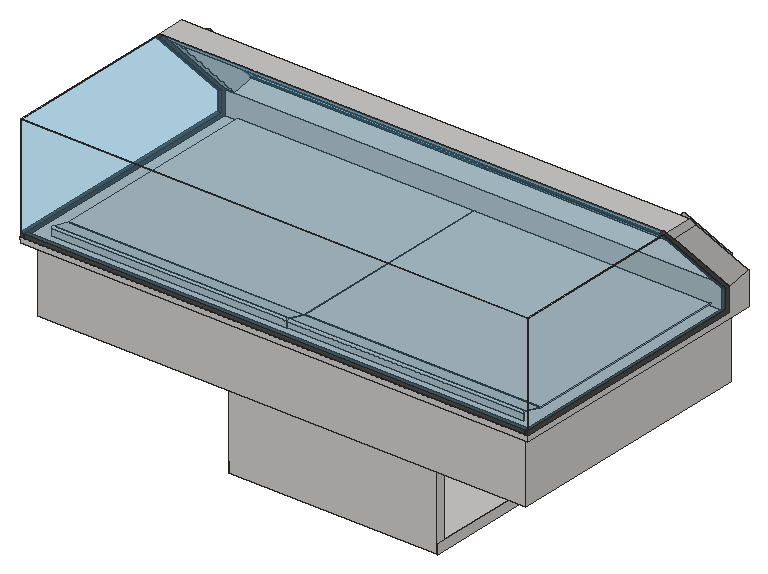
Revit family "QF_FESTIVE_ACDL15", category Specialty Equipment, Revit 2020
Family settings
  Round Connector Dimension = Use Diameter
  Part Type = Normal
  Work Plane-Based = No
  Always vertical = Yes
  Cut with Voids When Loaded = No
  Shared = No
  Room Calculation Point = No
Parameters (values of type "ACDL15")
  Weight in Pounds = 0
  Watts = if(Phase = 3, Volts * FL Amps * 1.73, Volts * FL Amps)  # 1078 W
  Volts = 220 V
  URL Cutsheet = ""
  Specification by User = ""
  Specification by Manufacturer = ""
  Serial Number = ""
  Seismic Rating = ""
  SMACNA No = ""
  Revision Code = ""
  Phase = 1
  Number of Poles = 1
  NAFEM Spec ID Number = ""
  Model = "ACDL15"
  Min Ckt Ampacity = 0 A
  Max Overcurrent Protection = 0 A
  Masterspec = ""
  Manufacturer = "FESTIVE"
  Length = 1530 mm
  Item Number = ""
  Installed By = ""
  Identify Quantity as Lot = yes
  Height = 335 mm
  HP = ""
  Glass 2 = Length > 1769 mm  # no
  Glass 1 = Length < 1769 mm  # yes
  Furnished By = ""
  Foodservice Equipment Identifier = yes
  FL Amps = 4.9 A
  Electrical Remarks = ""
  Electric Connection Type = ""
  Elec Conn RI Height = 0 mm
  Elec Conn Connection Height = 0 mm
  Description = "AVON LO: CHILLED DROP-IN"
  Depth = 830 mm
  Default Elevation = 0 mm
  Cycle = 50 Hz
  Cradle 2 [instance] = Length > 901 mm  # yes
  Cradle 1 = Length < 901 mm  # no
  Conn Plug = ""
  Conn Conduit = yes
  Center Post = Length > 1769 mm  # no
  CSI MasterFormat = ""
  Apparent Power = if(Phase = 3, Volts * FL Amps * 1.73, Volts * FL Amps)  # 1078 VA
Reference planes
  plane 1 "BACK": y = 0
  plane 2: z = 0
  plane 3 "LEFT": x = 0
  plane 4 "RIGHT": x = 1530
  plane 5 "FRONT": y = -830
  plane 6 "TOP": z = 335
  plane 7 "Center Y": x = 765
  plane 8 "Center X": y = -415
  plane 9: z = 100
  plane 10: x = 1519
  plane 11: z = -520
  plane 12: z = -560
Forms (mm)
  Extrusion 1, solid, material "QF_Metal - Stainless - Satin", visible <- "Cradle 2", not visible
    sketch origin (900, -213.4, -387.009) x (0, 0, 1) y (1, 0, 0)
      loop
        line (387.009, -137.4) -> (27.009, -137.4) -> (27.009, -762.6) -> (387.009, -762.6) -> (387.009, -137.4)
      loop
        line (55, -734.4) -> (365.009, -734.4) -> (365.009, -164.4) -> (55, -164.4) -> (55, -734.4)
    from 0 to -2
  Extrusion 2, solid, material "QF_Metal - Stainless - Satin", visible <- "Cradle 2", not visible
    sketch origin (141.4, 0, 0) x (0, 1, 0) y (0, 0, 1)
      loop
        line (-215.4, 0) -> (-240, 0) -> (-240, -360) -> (-215.4, -360) -> (-215.4, 0)
    from -4 to -1.6
  Extrusion 3, solid, material "QF_Metal - Stainless - Satin", visible <- "Cradle 2", not visible
    sketch origin (900, 0, 0) x (0, -1, 0) y (0, 0, 1)
      loop
        line (215.4, 0) -> (215.4, -360) -> (240, -360) -> (240, 0) -> (215.4, 0)
    from 139.796 to 137.4
  Extrusion 4, solid, material "QF_Metal - Stainless - Satin", visible <- "Cradle 2", not visible
    sketch origin (0, 0, 0) x (0, 1, 0) y (0, 0, 1)
      loop
        line (-52, 0) -> (-213.4, 0) -> (-213.4, -122) -> (-52, -122) -> (-52, 0)
    from 239 to 660
  Extrusion 5, solid, material "QF_Metal - Stainless - Satin", visible <- "Cradle 2", not visible
    sketch origin (0, -50.8, 53.113) x (0, 0, -1) y (-1, 0, 0)
      loop
        line (55.113, -660) -> (175.113, -660) -> (175.113, -239) -> (55.113, -239) -> (55.113, -660)
    from 0 to 2
  Extrusion 6, solid, material "QF_Plastic - Black - Smooth", visible <- "Cradle 2", not visible
    sketch origin (14, -48.8, 53.113) x (0, 0, -1) y (-1, 0, 0)
      loop
        line (147.213, -308.95) -> (147.213, -294.95) -> (115.213, -294.95) -> (115.213, -308.95) -> (147.213, -308.95)
      loop
        line (147.213, -278.75) -> (147.213, -264.75) -> (115.213, -264.75) -> (115.213, -278.75) -> (147.213, -278.75)
      loop
        line (145.213, -306.95) -> (145.213, -296.95) -> (117.213, -296.95) -> (117.213, -306.95) -> (145.213, -306.95)
      loop
        line (145.213, -276.75) -> (145.213, -266.75) -> (117.213, -266.75) -> (117.213, -276.75) -> (145.213, -276.75)
      loop
        arc (112.863, -404.2) -> (131.113, -408.012) -> (149.363, -404.2) r 45.59
        line (149.363, -404.2) -> (149.363, -330.2)
        arc (149.363, -330.2) -> (131.113, -326.725) -> (112.863, -330.2) r 49.66
        line (112.863, -330.2) -> (112.863, -404.2)
    from 0 to 3
  Extrusion 7, solid, material "QF_Plastic - Red - Smooth", visible <- "Cradle 2", not visible
    sketch origin (290.75, -48.8, -92.1) x (0, 0, 1) y (0, 1, 0)
      loop
        line (0, 7.232) -> (0, 0) -> (28, 0) -> (28, 4.784)
        arc (28, 4.784) -> (13.954, 5.478) -> (0, 7.232) r 185.903
    from 0 to 10
  Extrusion 8, solid, material "QF_Plastic - Red - Smooth", visible <- "Cradle 2", not visible
    sketch origin (290.75, -48.8, -92.1) x (0, 0, 1) y (0, 1, 0)
      loop
        line (0, 7.232) -> (0, 0) -> (28, 0) -> (28, 4.784)
        arc (28, 4.784) -> (13.954, 5.478) -> (0, 7.232) r 185.903
    from -30.2 to -20.2
  Extrusion 9, solid, material "QF_Metal - Stainless - Satin", visible <- "Cradle 2", not visible
    sketch origin (0, -1.8, 0) x (0, 1, 0) y (0, 0, 1)
      loop
        line (-570, 0) -> (-596.6, 0) -> (-596.6, -360) -> (-570, -360) -> (-570, 0)
    from 137.4 to 762.6
  Extrusion 10, void, not visible
    sketch origin (137.4, 0, 0) x (0, 1, 0) y (0, 0, 1)
      loop
        circle (-289.925, -281.443) r 8.149
    from 0 to 3.2
  Extrusion 11, solid, material "QF_Metal - Stainless - Satin"
    sketch origin (0, 0, -200) x (0, 1, 0) y (0, 0, 1)
      loop
        line (0, 200) -> (0, 300) -> (-75.2, 287.871) -> (-75.2, 217) -> (-830, 217) -> (-830, 200) -> (0, 200)
    from 0 to 1530
  Extrusion 12, solid, material "QF_Plastic - Black - Smooth"
    sketch origin (0, 0, -200) x (0, 1, 0) y (0, 0, 1)
      loop
        line (-830, 217) -> (-818, 217) -> (-818, 229) -> (-830, 229) -> (-830, 217)
    from 11 to 1519
  Extrusion 13, solid, material "QF_Metal - Stainless - Satin"
    sketch origin (900, 0, -200) x (0, 1, 0) y (0, 0, -1)
      loop
        line (-715.062, -224.6) -> (-75.2, -224.6) -> (-75.2, -223.6) -> (-715.33, -223.6) -> (-715.062, -224.6)
      loop
        line (-780, -217) -> (-780, -235.604)
        arc (-780, -235.604) -> (-778.032, -239.534) -> (-773.706, -240.312) r 4.908
        line (-773.706, -240.312) -> (-773.965, -239.347)
        arc (-773.965, -239.347) -> (-777.439, -238.63) -> (-779, -235.445) r 4.03
        line (-779, -235.445) -> (-779, -217) -> (-780, -217)
    from -576 to 133
  Extrusion 14, solid, material "Glass"
    sketch origin (0, 0, -200) x (0, -1, 0) y (0, 0, 1)
      loop
        line (828, 533) -> (303.463, 533) -> (301.574, 531) -> (826, 531) -> (826, 217) -> (828, 217) -> (828, 533)
    from 0 to -1530
  Extrusion 15, solid, material "QF_Metal - Stainless - Satin"
    sketch origin (449, -425, -200) x (1, 0, 0) y (0, 1, 0)
      loop
        line (-419, -375) -> (1051, -375) -> (1051, 395) -> (-419, 395) -> (-419, -375)
    from 0 to -200
  Extrusion 16, solid, material "QF_Metal - Stainless - Satin"
    sketch origin (0, 65.025, -271.149) x (0, 0.985557, 0.169345) y (0, -0.169345, 0.985557)
      loop
        line (-76.81, 381.021) -> (-77.401, 377.581) -> (-1.233, 376.8) -> (-159.726, 615.174) -> (-241.884, 629.29) -> (-76.81, 381.021)
    from 0 to 40
  Extrusion 17, solid, material "QF_Metal - Stainless - Satin"
    sketch origin (40, 65.025, -271.149) x (0, 0.985557, 0.169345) y (0, -0.169345, 0.985557)
      loop
        line (-159.726, 615.174) -> (-180.222, 645.999) -> (-262.379, 660.116) -> (-241.884, 629.29) -> (-159.726, 615.174)
    from -40 to 1490
  Extrusion 18, solid, material "QF_Metal - Stainless - Satin"
    sketch origin (0, 0, -188) x (0, 1, 0) y (0, 0, 1)
      loop
        line (-780, 205) -> (-779, 205) -> (-779, 223.445)
        arc (-779, 223.445) -> (-777.439, 226.63) -> (-773.965, 227.347) r 4.03
        line (-773.965, 227.347) -> (-773.706, 228.312)
        arc (-773.706, 228.312) -> (-778.032, 227.534) -> (-780, 223.604) r 4.908
        line (-780, 223.604) -> (-780, 205)
      loop
        line (-715.062, 212.6) -> (-715.33, 211.6) -> (-75.2, 211.6) -> (-75.2, 212.6) -> (-715.062, 212.6)
    from 54 to 763
  Extrusion 19, solid, material "QF_Metal - Stainless - Satin"
    sketch origin (0, -79.381, -365.812) x (1, 0, 0) y (0, 0.965932, -0.258796)
      loop
        line (763, -715.062) -> (54, -715.062) -> (54, -773.706) -> (763, -773.706) -> (763, -715.062)
      loop
        line (767, -715.062) -> (767, -773.706) -> (1476, -773.706) -> (1476, -715.062) -> (767, -715.062)
    from 211.6 to 212.6
  Extrusion 20, solid, material "QF_Metal - Stainless - Satin"
    sketch origin (40, -216.994, 329.71) x (0, -0.6867, 0.726941) y (1, 0, 0)
      loop
        line (-300.996, 0) -> (-300.996, 1450) -> (-315.996, 1450) -> (-315.996, 0) -> (-300.996, 0)
    from 0 to -5
  Extrusion 21, solid, material "QF_Plastic - Black - Smooth"
    sketch origin (0, 0, -200) x (0, 1, 0) y (0, 0, 1)
      loop
        line (-86, 287.066) -> (-86, 229) -> (-830, 229) -> (-830, 217) -> (-75.2, 217) -> (-75.2, 291.361) -> (-303.463, 533) -> (-318.32, 533) -> (-86, 287.066)
    from 0 to 11
  Extrusion 22, solid, material "QF_Metal - Stainless - Satin"
    sketch origin (0, 65.025, -271.149) x (0, 0.985557, 0.169345) y (0, -0.169345, 0.985557)
      loop
        line (-76.81, 381.021) -> (-77.401, 377.581) -> (-1.233, 376.8) -> (-159.726, 615.174) -> (-241.884, 629.29) -> (-76.81, 381.021)
    from 0 to 40
  Extrusion 23, solid, material "QF_Plastic - Black - Smooth"
    sketch origin (1530, 0, 0) x (0, -1, 0) y (0, 0, 1)
      loop
        line (86, 87.066) -> (320.209, 335) -> (305.352, 335) -> (75.2, 91.361) -> (75.2, 17) -> (830, 17) -> (830, 29) -> (86, 29) -> (86, 87.066)
    from 0 to 11
  Extrusion 24, solid, material "QF_Metal - Stainless - Satin"
    sketch origin (1530, 0, 0) x (0, -1, 0) y (0, 0, 1)
      loop
        line (75.2, 91.361) -> (279.932, 308.09) -> (196.571, 308.09) -> (0, 100) -> (75.2, 87.871) -> (75.2, 91.361)
    from 0 to 40
  Extrusion 25, solid, material "QF_Metal - Stainless - Satin", visible <- "Cradle 2"
    sketch origin (1214.4, -222.5, -587.009) x (0, 0, 1) y (1, 0, 0)
      loop
        line (387.009, -137.4) -> (27.009, -137.4) -> (27.009, -762.6) -> (387.009, -762.6) -> (387.009, -137.4)
      loop
        line (55, -734.4) -> (365.009, -734.4) -> (365.009, -164.4) -> (55, -164.4) -> (55, -734.4)
    from 0 to -2
  Extrusion 26, solid, material "QF_Metal - Stainless - Satin", visible <- "Cradle 2"
    sketch origin (455.8, -9.1, -200) x (0, 1, 0) y (0, 0, 1)
      loop
        line (-215.4, 0) -> (-240, 0) -> (-240, -360) -> (-215.4, -360) -> (-215.4, 0)
    from -4 to -1.6
  Extrusion 27, solid, material "QF_Metal - Stainless - Satin", visible <- "Cradle 2"
    sketch origin (1214.4, -9.1, -200) x (0, -1, 0) y (0, 0, 1)
      loop
        line (215.4, 0) -> (215.4, -360) -> (240, -360) -> (240, 0) -> (215.4, 0)
    from 139.796 to 137.4
  Extrusion 28, solid, material "QF_Metal - Stainless - Satin", visible <- "Cradle 2"
    sketch origin (314.4, -9.1, -200) x (0, 1, 0) y (0, 0, 1)
      loop
        line (-52, 0) -> (-213.4, 0) -> (-213.4, -122) -> (-52, -122) -> (-52, 0)
    from 239 to 660
  Extrusion 29, solid, material "QF_Metal - Stainless - Satin", visible <- "Cradle 2"
    sketch origin (314.4, -59.9, -146.887) x (0, 0, -1) y (-1, 0, 0)
      loop
        line (55.113, -660) -> (175.113, -660) -> (175.113, -239) -> (55.113, -239) -> (55.113, -660)
    from 0 to 2
  Extrusion 30, solid, material "QF_Plastic - Black - Smooth", visible <- "Cradle 2"
    sketch origin (328.4, -57.9, -146.887) x (0, 0, -1) y (-1, 0, 0)
      loop
        line (147.213, -308.95) -> (147.213, -294.95) -> (115.213, -294.95) -> (115.213, -308.95) -> (147.213, -308.95)
      loop
        line (147.213, -278.75) -> (147.213, -264.75) -> (115.213, -264.75) -> (115.213, -278.75) -> (147.213, -278.75)
      loop
        line (145.213, -306.95) -> (145.213, -296.95) -> (117.213, -296.95) -> (117.213, -306.95) -> (145.213, -306.95)
      loop
        line (145.213, -276.75) -> (145.213, -266.75) -> (117.213, -266.75) -> (117.213, -276.75) -> (145.213, -276.75)
      loop
        arc (112.863, -404.2) -> (131.113, -408.012) -> (149.363, -404.2) r 45.59
        line (149.363, -404.2) -> (149.363, -330.2)
        arc (149.363, -330.2) -> (131.113, -326.725) -> (112.863, -330.2) r 49.66
        line (112.863, -330.2) -> (112.863, -404.2)
    from 0 to 3
  Extrusion 31, solid, material "QF_Plastic - Red - Smooth", visible <- "Cradle 2"
    sketch origin (605.15, -57.9, -292.1) x (0, 0, 1) y (0, 1, 0)
      loop
        line (0, 7.232) -> (0, 0) -> (28, 0) -> (28, 4.784)
        arc (28, 4.784) -> (13.954, 5.478) -> (0, 7.232) r 185.903
    from 0 to 10
  Extrusion 32, solid, material "QF_Plastic - Red - Smooth", visible <- "Cradle 2"
    sketch origin (605.15, -57.9, -292.1) x (0, 0, 1) y (0, 1, 0)
      loop
        line (0, 7.232) -> (0, 0) -> (28, 0) -> (28, 4.784)
        arc (28, 4.784) -> (13.954, 5.478) -> (0, 7.232) r 185.903
    from -30.2 to -20.2
  Extrusion 33, solid, material "QF_Metal - Stainless - Satin", visible <- "Cradle 2"
    sketch origin (314.4, -10.9, -200) x (0, 1, 0) y (0, 0, 1)
      loop
        line (-570, 0) -> (-596.6, 0) -> (-596.6, -360) -> (-570, -360) -> (-570, 0)
    from 137.4 to 762.6
  Extrusion 34, void
    sketch origin (451.8, -9.1, -200) x (0, 1, 0) y (0, 0, 1)
      loop
        circle (-289.925, -281.443) r 8.149
    from 0 to 3.2
  Extrusion 35, solid, material "QF_Metal - Stainless - Satin"
    sketch origin (325, -200.206, 304.657) x (0, -0.6867, 0.726941) y (1, 0, 0)
      loop
        line (0, -285) -> (0, -265) -> (-271.255, -265) -> (-271.255, -285) -> (0, -285)
    from 0 to 3.2
  Extrusion 36, solid, material "QF_Metal - Stainless - Satin"
    sketch origin (60, -13.935, 107.471) x (0, -0.6867, 0.726941) y (0, -0.726941, -0.6867)
      loop
        line (271.255, -3.2) -> (0, -3.2) -> (0, -8.2)
        arc (0, -8.2) -> (2.929, -15.271) -> (10, -18.2) r 10
        line (10, -18.2) -> (261.255, -18.2)
        arc (261.255, -18.2) -> (268.326, -15.271) -> (271.255, -8.2) r 10
        line (271.255, -8.2) -> (271.255, -3.2)
    from -9 to -11
  Extrusion 37, solid, material "QF_Metal - Stainless - Satin"
    sketch origin (875, -196.571, 308.09) x (0, -0.6867, 0.726941) y (1, 0, 0)
      loop
        line (0, 615) -> (-271.255, 615) -> (-271.255, 595) -> (0, 595) -> (0, 615)
    from 0 to 3.2
  Extrusion 38, solid, material "QF_Metal - Stainless - Satin"
    sketch origin (1470, -10.301, 110.904) x (0, -0.6867, 0.726941) y (0, 0.726941, 0.6867)
      loop
        line (271.255, 3.2) -> (271.255, 8.2)
        arc (271.255, 8.2) -> (268.326, 15.271) -> (261.255, 18.2) r 10
        line (261.255, 18.2) -> (10, 18.2)
        arc (10, 18.2) -> (2.929, 15.271) -> (0, 8.2) r 10
        line (0, 8.2) -> (0, 3.2) -> (271.255, 3.2)
    from -9 to -11
  Extrusion 39, solid, material "QF_Metal - Stainless - Satin", visible <- "Center Post"
    sketch origin (765, 175.397, 1219.2) x (0, 1, 0) y (0, 0, 1)
      loop
        line (-371.969, -911.11) -> (-470.186, -911.11) -> (-260.629, -1132.947) -> (-175.397, -1119.2) -> (-371.969, -911.11)
    from -20 to 20
  Extrusion 40, solid, material "QF_Metal - Stainless - Satin", visible <- "Cradle 2"
    sketch origin (314.4, -607.571, -560) x (1, 0, 0) y (0, -1, 0)
      loop
        line (762.6, -28.471) -> (137.4, -28.471) -> (137.4, -383.071) -> (762.6, -383.071) -> (762.6, -28.471)
    from 0 to -5
  Extrusion 41, solid, material "QF_Metal - Stainless - Satin", visible <- "Cradle 2"
    sketch origin (1214.4, -9.1, -160) x (0, -1, 0) y (0, 0, 1)
      loop
        line (213.4, -372.009) -> (213.4, -400) -> (598.4, -400) -> (598.4, -372.009) -> (213.4, -372.009)
    from 137.4 to 135
  Extrusion 42, solid, material "QF_Metal - Stainless - Satin", visible <- "Cradle 2"
    sketch origin (314.4, -9.1, -160) x (0, 1, 0) y (0, 0, 1)
      loop
        line (-213.4, -372.009) -> (-598.4, -372.009) -> (-598.4, -400) -> (-213.4, -400) -> (-213.4, -372.009)
    from 135 to 137.4
  Extrusion 43, solid, material "QF_Metal - Stainless - Satin", visible <- "Cradle 2", not visible
    sketch origin (0, -598.471, -360) x (1, 0, 0) y (0, -1, 0)
      loop
        line (762.6, -28.471) -> (137.4, -28.471) -> (137.4, -383.071) -> (762.6, -383.071) -> (762.6, -28.471)
    from 0 to -5
  Extrusion 44, solid, material "QF_Metal - Stainless - Satin", visible <- "Cradle 2", not visible
    sketch origin (900, 0, 40) x (0, -1, 0) y (0, 0, 1)
      loop
        line (213.4, -372.009) -> (213.4, -400) -> (598.4, -400) -> (598.4, -372.009) -> (213.4, -372.009)
    from 137.4 to 135
  Extrusion 45, solid, material "QF_Metal - Stainless - Satin", visible <- "Cradle 2", not visible
    sketch origin (0, 0, 40) x (0, 1, 0) y (0, 0, 1)
      loop
        line (-213.4, -372.009) -> (-598.4, -372.009) -> (-598.4, -400) -> (-213.4, -400) -> (-213.4, -372.009)
    from 135 to 137.4
  Extrusion 46, solid, material "QF_Metal - Stainless - Satin", visible <- "Cradle 1", not visible
    sketch origin (2199.4, -222.5, -587.009) x (0, 0, 1) y (1, 0, 0)
      loop
        line (387.009, -137.4) -> (67.009, -137.4) -> (67.009, -762.6) -> (387.009, -762.6) -> (387.009, -137.4)
      loop
        line (365.009, -734.4) -> (365.009, -164.4) -> (95, -164.4) -> (95, -734.4) -> (365.009, -734.4)
    from 0 to -2
  Extrusion 47, solid, material "QF_Metal - Stainless - Satin", visible <- "Cradle 1", not visible
    sketch origin (1440.8, -9.1, -200) x (0, 1, 0) y (0, 0, 1)
      loop
        line (-215.4, 0) -> (-240, 0) -> (-240, -320) -> (-215.4, -320) -> (-215.4, 0)
    from -4 to -1.6
  Extrusion 48, solid, material "QF_Metal - Stainless - Satin", visible <- "Cradle 1", not visible
    sketch origin (2199.4, -9.1, -200) x (0, -1, 0) y (0, 0, 1)
      loop
        line (215.4, 0) -> (215.4, -320) -> (240, -320) -> (240, 0) -> (215.4, 0)
    from 139.796 to 137.4
  Extrusion 49, solid, material "QF_Metal - Stainless - Satin", visible <- "Cradle 1", not visible
    sketch origin (1299.4, -9.1, -200) x (0, 1, 0) y (0, 0, 1)
      loop
        line (-52, 0) -> (-213.4, 0) -> (-213.4, -122) -> (-52, -122) -> (-52, 0)
    from 239 to 660
  Extrusion 50, solid, material "QF_Metal - Stainless - Satin", visible <- "Cradle 1", not visible
    sketch origin (1299.4, -59.9, -146.887) x (0, 0, -1) y (-1, 0, 0)
      loop
        line (55.113, -660) -> (175.113, -660) -> (175.113, -239) -> (55.113, -239) -> (55.113, -660)
    from 0 to 2
  Extrusion 51, solid, material "QF_Plastic - Black - Smooth", visible <- "Cradle 1", not visible
    sketch origin (1313.4, -57.9, -146.887) x (0, 0, -1) y (-1, 0, 0)
      loop
        line (147.213, -308.95) -> (147.213, -294.95) -> (115.213, -294.95) -> (115.213, -308.95) -> (147.213, -308.95)
      loop
        line (147.213, -278.75) -> (147.213, -264.75) -> (115.213, -264.75) -> (115.213, -278.75) -> (147.213, -278.75)
      loop
        line (145.213, -306.95) -> (145.213, -296.95) -> (117.213, -296.95) -> (117.213, -306.95) -> (145.213, -306.95)
      loop
        line (145.213, -276.75) -> (145.213, -266.75) -> (117.213, -266.75) -> (117.213, -276.75) -> (145.213, -276.75)
      loop
        arc (112.863, -404.2) -> (131.113, -408.012) -> (149.363, -404.2) r 45.59
        line (149.363, -404.2) -> (149.363, -330.2)
        arc (149.363, -330.2) -> (131.113, -326.725) -> (112.863, -330.2) r 49.66
        line (112.863, -330.2) -> (112.863, -404.2)
    from 0 to 3
  Extrusion 52, solid, material "QF_Plastic - Red - Smooth", visible <- "Cradle 1", not visible
    sketch origin (1590.15, -57.9, -292.1) x (0, 0, 1) y (0, 1, 0)
      loop
        line (0, 7.232) -> (0, 0) -> (28, 0) -> (28, 4.784)
        arc (28, 4.784) -> (13.954, 5.478) -> (0, 7.232) r 185.903
    from 0 to 10
  Extrusion 53, solid, material "QF_Plastic - Red - Smooth", visible <- "Cradle 1", not visible
    sketch origin (1590.15, -57.9, -292.1) x (0, 0, 1) y (0, 1, 0)
      loop
        line (0, 7.232) -> (0, 0) -> (28, 0) -> (28, 4.784)
        arc (28, 4.784) -> (13.954, 5.478) -> (0, 7.232) r 185.903
    from -30.2 to -20.2
  Extrusion 54, solid, material "QF_Metal - Stainless - Satin", visible <- "Cradle 1", not visible
    sketch origin (1299.4, -10.9, -200) x (0, 1, 0) y (0, 0, 1)
      loop
        line (-570, 0) -> (-596.6, 0) -> (-596.6, -320) -> (-570, -320) -> (-570, 0)
    from 137.4 to 762.6
  Extrusion 55, solid, material "QF_Metal - Stainless - Satin", visible <- "Cradle 1", not visible
    sketch origin (1299.4, -607.571, -520) x (1, 0, 0) y (0, -1, 0)
      loop
        line (762.6, -28.471) -> (137.4, -28.471) -> (137.4, -383.071) -> (762.6, -383.071) -> (762.6, -28.471)
    from 0 to -5
  Extrusion 56, solid, material "QF_Metal - Stainless - Satin", visible <- "Cradle 1", not visible
    sketch origin (2199.4, -9.1, -120) x (0, -1, 0) y (0, 0, 1)
      loop
        line (213.4, -372.009) -> (213.4, -400) -> (598.4, -400) -> (598.4, -372.009) -> (213.4, -372.009)
    from 137.4 to 135
  Extrusion 57, solid, material "QF_Metal - Stainless - Satin", visible <- "Cradle 1", not visible
    sketch origin (1299.4, -9.1, -120) x (0, 1, 0) y (0, 0, 1)
      loop
        line (-213.4, -372.009) -> (-598.4, -372.009) -> (-598.4, -400) -> (-213.4, -400) -> (-213.4, -372.009)
    from 135 to 137.4
  Extrusion 58, solid, material "QF_Metal - Stainless - Satin", visible <- "Cradle 1"
    sketch origin (1214.4, -222.5, -587.009) x (0, 0, 1) y (1, 0, 0)
      loop
        line (387.009, -137.4) -> (67.009, -137.4) -> (67.009, -762.6) -> (387.009, -762.6) -> (387.009, -137.4)
      loop
        line (365.009, -734.4) -> (365.009, -164.4) -> (95, -164.4) -> (95, -734.4) -> (365.009, -734.4)
    from 0 to -2
  Extrusion 59, solid, material "QF_Metal - Stainless - Satin", visible <- "Cradle 1"
    sketch origin (455.8, -9.1, -200) x (0, 1, 0) y (0, 0, 1)
      loop
        line (-215.4, 0) -> (-240, 0) -> (-240, -320) -> (-215.4, -320) -> (-215.4, 0)
    from -4 to -1.6
  Extrusion 60, solid, material "QF_Metal - Stainless - Satin", visible <- "Cradle 1"
    sketch origin (1214.4, -9.1, -200) x (0, -1, 0) y (0, 0, 1)
      loop
        line (215.4, 0) -> (215.4, -320) -> (240, -320) -> (240, 0) -> (215.4, 0)
    from 139.796 to 137.4
  Extrusion 61, solid, material "QF_Metal - Stainless - Satin", visible <- "Cradle 1"
    sketch origin (314.4, -9.1, -200) x (0, 1, 0) y (0, 0, 1)
      loop
        line (-52, 0) -> (-213.4, 0) -> (-213.4, -122) -> (-52, -122) -> (-52, 0)
    from 239 to 660
  Extrusion 62, solid, material "QF_Metal - Stainless - Satin", visible <- "Cradle 1"
    sketch origin (314.4, -59.9, -146.887) x (0, 0, -1) y (-1, 0, 0)
      loop
        line (55.113, -660) -> (175.113, -660) -> (175.113, -239) -> (55.113, -239) -> (55.113, -660)
    from 0 to 2
  Extrusion 63, solid, material "QF_Plastic - Black - Smooth", visible <- "Cradle 1"
    sketch origin (328.4, -57.9, -146.887) x (0, 0, -1) y (-1, 0, 0)
      loop
        line (147.213, -308.95) -> (147.213, -294.95) -> (115.213, -294.95) -> (115.213, -308.95) -> (147.213, -308.95)
      loop
        line (147.213, -278.75) -> (147.213, -264.75) -> (115.213, -264.75) -> (115.213, -278.75) -> (147.213, -278.75)
      loop
        line (145.213, -306.95) -> (145.213, -296.95) -> (117.213, -296.95) -> (117.213, -306.95) -> (145.213, -306.95)
      loop
        line (145.213, -276.75) -> (145.213, -266.75) -> (117.213, -266.75) -> (117.213, -276.75) -> (145.213, -276.75)
      loop
        arc (112.863, -404.2) -> (131.113, -408.012) -> (149.363, -404.2) r 45.59
        line (149.363, -404.2) -> (149.363, -330.2)
        arc (149.363, -330.2) -> (131.113, -326.725) -> (112.863, -330.2) r 49.66
        line (112.863, -330.2) -> (112.863, -404.2)
    from 0 to 3
  Extrusion 64, solid, material "QF_Plastic - Red - Smooth", visible <- "Cradle 1"
    sketch origin (605.15, -57.9, -292.1) x (0, 0, 1) y (0, 1, 0)
      loop
        line (0, 7.232) -> (0, 0) -> (28, 0) -> (28, 4.784)
        arc (28, 4.784) -> (13.954, 5.478) -> (0, 7.232) r 185.903
    from 0 to 10
  Extrusion 65, solid, material "QF_Plastic - Red - Smooth", visible <- "Cradle 1"
    sketch origin (605.15, -57.9, -292.1) x (0, 0, 1) y (0, 1, 0)
      loop
        line (0, 7.232) -> (0, 0) -> (28, 0) -> (28, 4.784)
        arc (28, 4.784) -> (13.954, 5.478) -> (0, 7.232) r 185.903
    from -30.2 to -20.2
  Extrusion 66, solid, material "QF_Metal - Stainless - Satin", visible <- "Cradle 1"
    sketch origin (314.4, -10.9, -200) x (0, 1, 0) y (0, 0, 1)
      loop
        line (-570, 0) -> (-596.6, 0) -> (-596.6, -320) -> (-570, -320) -> (-570, 0)
    from 137.4 to 762.6
  Extrusion 67, solid, material "QF_Metal - Stainless - Satin", visible <- "Cradle 1"
    sketch origin (314.4, -607.571, -520) x (1, 0, 0) y (0, -1, 0)
      loop
        line (762.6, -28.471) -> (137.4, -28.471) -> (137.4, -383.071) -> (762.6, -383.071) -> (762.6, -28.471)
    from 0 to -5
  Extrusion 68, solid, material "QF_Metal - Stainless - Satin", visible <- "Cradle 1"
    sketch origin (1214.4, -9.1, -120) x (0, -1, 0) y (0, 0, 1)
      loop
        line (213.4, -372.009) -> (213.4, -400) -> (598.4, -400) -> (598.4, -372.009) -> (213.4, -372.009)
    from 137.4 to 135
  Extrusion 69, solid, material "QF_Metal - Stainless - Satin", visible <- "Cradle 1"
    sketch origin (314.4, -9.1, -120) x (0, 1, 0) y (0, 0, 1)
      loop
        line (-213.4, -372.009) -> (-598.4, -372.009) -> (-598.4, -400) -> (-213.4, -400) -> (-213.4, -372.009)
    from 135 to 137.4
  Extrusion 70, solid, material "Glass"
    sketch origin (1530, 0, 0) x (0, -1, 0) y (0, 0, 1)
      loop
        line (318.32, 333) -> (86, 87.066) -> (86, 29) -> (828, 29) -> (828, 333) -> (318.32, 333)
    from 0 to 3
  Extrusion 71, solid, material "Glass"
    sketch origin (0, 0, -200) x (0, 1, 0) y (0, 0, 1)
      loop
        line (-318.32, 533) -> (-828, 533) -> (-828, 217) -> (-86, 217) -> (-86, 287.066) -> (-318.32, 533)
    from 0 to 3
  Extrusion 72, solid, material "Glass", visible <- "Glass 1"
    sketch origin (325, -196.571, 308.09) x (0, -0.6867, 0.726941) y (1, 0, 0)
      loop
        line (0, 440) -> (-271.255, 440) -> (-271.255, -285) -> (0, -285) -> (0, 440)
    from -5 to -10
  Extrusion 73, solid, material "Glass", visible <- "Glass 1"
    sketch origin (875, -196.571, 308.09) x (0, -0.6867, 0.726941) y (1, 0, 0)
      loop
        line (0, -110) -> (0, 615) -> (-271.255, 615) -> (-271.255, -110) -> (0, -110)
    from 0 to -5
  Extrusion 74, solid, material "Glass", visible <- "Glass 2"
    sketch origin (40, 65.025, -271.149) x (0, 0.985557, 0.169345) y (0, -0.169345, 0.985557)
      loop
        line (-13.702, 386.523) -> (-163.89, 612.405) -> (-168.054, 609.637) -> (-17.866, 383.755) -> (-13.702, 386.523)
    from 0 to 705
  Extrusion 75, solid, material "Glass", visible <- "Glass 2"
    sketch origin (1490, 0, 0) x (0, -1, 0) y (0, 0, 1)
      loop
        line (196.571, 308.09) -> (10.301, 110.904) -> (13.935, 107.471) -> (200.206, 304.657) -> (196.571, 308.09)
    from 0 to 705
Lines and regions (mm)
  Split face 1, not visible
    outline origin (14, -45.8, 53.113) x (0, 0, -1) y (-1, 0, 0)
      loop
        line (116.213, -355.957) -> (116.213, -395.454)
        arc (116.213, -395.454) -> (131.213, -398.842) -> (146.213, -395.454) r 34.9
        line (146.213, -395.454) -> (146.213, -355.957) -> (116.213, -355.957)
  Split face 2
    outline origin (328.4, -54.9, -146.887) x (0, 0, -1) y (-1, 0, 0)
      loop
        line (116.213, -355.957) -> (116.213, -395.454)
        arc (116.213, -395.454) -> (131.213, -398.842) -> (146.213, -395.454) r 34.9
        line (146.213, -395.454) -> (146.213, -355.957) -> (116.213, -355.957)
  Split face 3, not visible
    outline origin (1313.4, -54.9, -146.887) x (0, 0, -1) y (-1, 0, 0)
      loop
        line (116.213, -355.957) -> (116.213, -395.454)
        arc (116.213, -395.454) -> (131.213, -398.842) -> (146.213, -395.454) r 34.9
        line (146.213, -395.454) -> (146.213, -355.957) -> (116.213, -355.957)
  Split face 4
    outline origin (328.4, -54.9, -146.887) x (0, 0, -1) y (-1, 0, 0)
      loop
        line (116.213, -355.957) -> (116.213, -395.454)
        arc (116.213, -395.454) -> (131.213, -398.842) -> (146.213, -395.454) r 34.9
        line (146.213, -395.454) -> (146.213, -355.957) -> (116.213, -355.957)
  symbolic lines
    curve 1: line (54, -780, 0) -> (54, -305.352, 0)
    curve 2: line (54, -780, 0) -> (1476, -780, 0)
    curve 3: line (1476, -780, 0) -> (1476, -305.352, 0)
    curve 4: line (54, -715.33, 0) -> (763, -715.33, 0)
    curve 5: line (763, -780, 0) -> (763, -305.352, 0)
    curve 6: line (767, -780, 0) -> (767, -305.352, 0)
    curve 7: line (0, -305.352, 0) -> (1530, -305.352, 0)
    curve 8: line (0, -221.991, 0) -> (1530, -221.991, 0)
    curve 9: line (1530, -196.571, 0) -> (0, -196.571, 0)
    curve 10: line (0, 0, 0) -> (1530, 0, 0)
    curve 11: line (0, -830, 0) -> (0, 0, 0)
    curve 12: line (1530, -830, 0) -> (0, -830, 0)
    curve 13: line (1530, 0, 0) -> (1530, -830, 0)
    curve 14: line (1519, -305.352, 0) -> (1519, -830, 0)
    curve 15: line (11, -305.352, 0) -> (11, -830, 0)
    curve 16: line (40, -196.571, 0) -> (40, 0, 0)
    curve 17: line (1490, -196.571, 0) -> (1490, 0, 0)
    curve 18: line (40, -10.301, 0) -> (1490, -10.301, 0)
    curve 19: line (1476, -715.33, 0) -> (767, -715.33, 0)
    curve 20: line (60, -196.571, 0) -> (60, -10.301, 0)
    curve 21: line (755, -13.935, 0) -> (60, -13.935, 0)
    curve 22: line (755, -10.301, 0) -> (755, -196.571, 0)
    curve 23: line (1470, -10.301, 0) -> (1470, -196.571, 0)
Dimensions and locks
  equal spacing: plane 3 "LEFT", plane 7 "Center Y", plane 4 "RIGHT"
  "Length": plane 3 "LEFT" to plane 4 "RIGHT"
  equal spacing: plane 5 "FRONT", plane 8 "Center X", plane 1 "BACK"
  "Depth": plane 5 "FRONT" to plane 1 "BACK"
  "Height": plane 6 "TOP" to level
  plane 1 "BACK" to plane 5 "FRONT" = 830 mm
  plane 6 "TOP" to plane 9 to level to Extrusion 15 = 235 mm, 100 mm, 200 mm
  plane 1 "BACK" to Extrusion 15 = 30 mm
  Extrusion 15 to plane 5 "FRONT" = 30 mm
  Extrusion 25 to Extrusion 33 = 385 mm
  locked: plane 10 to plane 4 "RIGHT" at 11
  locked: Extrusion 29 to plane 7 "Center Y" at 209.4
  Extrusion 19 sketch curve to plane 7 "Center Y" to Extrusion 19 sketch curve = 2 mm locked, 2 mm locked
  Extrusion 13 to plane 7 "Center Y" to Extrusion 18 = 2 mm locked, 2 mm locked
  locked: Extrusion 13 to plane 4 "RIGHT" at 54
  Extrusion 15 to plane 11 = 320 mm
  Extrusion 15 to plane 12 = 360 mm
  Extrusion 66 to plane 7 "Center Y" to Extrusion 66 = 312 mm locked, 313.2 mm locked
  locked: plane 4 "RIGHT" to Extrusion 14
  plane 7 "Center Y" to Extrusion 73 = 0 mm
  plane 7 "Center Y" to Extrusion 72 = 0 mm
  Extrusion 37 sketch curve to Extrusion 37 sketch curve to plane 4 "RIGHT" = 20 mm locked, 40 mm locked
  aligned and locked: level to plane 2
  aligned and locked: Extrusion 11 to plane 4 "RIGHT"
  aligned and locked: Extrusion 17 to plane 4 "RIGHT"
  aligned and locked: plane 10 to Extrusion 12
  aligned and locked: curve 3 to Extrusion 19
  aligned and locked: Extrusion 14 to plane 4 "RIGHT"
  aligned and locked: plane 7 "Center Y" to Extrusion 72
  aligned and locked: Extrusion 73 to plane 7 "Center Y"
  aligned and locked: Extrusion 74 to Extrusion 39
  aligned and locked: Extrusion 75 to Extrusion 39
Automatic sketch dimensions
  Extrusion 2 sketch curve to Extrusion 2 sketch curve = 24.6 mm
  Extrusion 3 sketch curve to Extrusion 3 sketch curve = 24.6 mm
  Extrusion 4 sketch curve to Extrusion 4 sketch curve = 122 mm
  Extrusion 7 sketch curve to Extrusion 6 = 0 mm  (x3)
  Extrusion 6 to Extrusion 7 sketch curve = 2.15 mm
  Extrusion 7 sketch curve to Extrusion 6 = 1.784 mm
  Extrusion 7 sketch curve to Extrusion 6 = 4.232 mm
  Extrusion 8 sketch curve to Extrusion 6 = 0 mm  (x3)
  Extrusion 6 to Extrusion 8 sketch curve = 2.15 mm
  Extrusion 8 sketch curve to Extrusion 6 = 1.784 mm
  Extrusion 8 sketch curve to Extrusion 6 = 4.232 mm
  Extrusion 9 sketch curve to Extrusion 9 sketch curve = 26.6 mm
  Extrusion 5 sketch curve to Extrusion 5 sketch curve = 120 mm
  Extrusion 6 sketch curve to Extrusion 5 = 57.75 mm
  Extrusion 6 sketch curve to Extrusion 6 sketch curve = 2.35 mm
  Extrusion 6 sketch curve to Extrusion 6 sketch curve = 0 mm  (x3)
  Extrusion 6 sketch curve to Extrusion 6 sketch curve = 2 mm  (x8)
  Extrusion 6 sketch curve to Extrusion 6 sketch curve = 18.25 mm
  Extrusion 6 sketch curve to Extrusion 6 sketch curve = 28 mm
  Extrusion 6 sketch curve to Extrusion 6 sketch curve = 2.15 mm
  Extrusion 6 sketch curve to Extrusion 5 = 179.2 mm
  Extrusion 6 sketch curve to Extrusion 6 sketch curve = 27.816 mm
  Extrusion 6 sketch curve to Extrusion 6 sketch curve = 13.963 mm
  Extrusion 6 sketch curve to Extrusion 6 sketch curve = 32.222 mm
  Extrusion 6 sketch curve to Extrusion 6 sketch curve = 21.25 mm
  Extrusion 6 sketch curve to Extrusion 6 sketch curve = 10 mm  (x2)
  Extrusion 6 sketch curve to Extrusion 6 sketch curve = 16.2 mm
  Split face 1 sketch curve to Extrusion 6 = 1 mm  (x2)
  Extrusion 6 to Split face 1 sketch curve = 86.504 mm
  Split face 1 sketch curve to Split face 1 sketch curve = 31.512 mm
  Split face 1 sketch curve to Split face 1 sketch curve = 7.985 mm
  Split face 1 sketch curve to Split face 1 sketch curve = 15 mm
  Extrusion 10 sketch curve to Extrusion 2 = 49.925 mm
  Extrusion 2 to Extrusion 10 sketch curve = 78.557 mm
  Extrusion 2 sketch curve to Extrusion 2 sketch curve = 360 mm
  Extrusion 3 sketch curve to Extrusion 3 sketch curve = 360 mm
  Extrusion 4 sketch curve to Extrusion 4 sketch curve = 161.4 mm
  Extrusion 5 sketch curve to Extrusion 5 sketch curve = 421 mm
  Extrusion 9 sketch curve to Extrusion 9 sketch curve = 360 mm
  Extrusion 26 sketch curve to Extrusion 26 sketch curve = 24.6 mm
  Extrusion 27 sketch curve to Extrusion 27 sketch curve = 24.6 mm
  Extrusion 28 sketch curve to Extrusion 28 sketch curve = 122 mm
  Extrusion 31 sketch curve to Extrusion 30 = 0 mm  (x3)
  Extrusion 30 to Extrusion 31 sketch curve = 2.15 mm
  Extrusion 31 sketch curve to Extrusion 30 = 1.784 mm
  Extrusion 31 sketch curve to Extrusion 30 = 4.232 mm
  Extrusion 32 sketch curve to Extrusion 30 = 0 mm  (x3)
  Extrusion 30 to Extrusion 32 sketch curve = 2.15 mm
  Extrusion 32 sketch curve to Extrusion 30 = 1.784 mm
  Extrusion 32 sketch curve to Extrusion 30 = 4.232 mm
  Extrusion 33 sketch curve to Extrusion 33 sketch curve = 26.6 mm
  Extrusion 29 sketch curve to Extrusion 29 sketch curve = 120 mm
  Extrusion 30 sketch curve to Extrusion 29 = 57.75 mm
  Extrusion 30 sketch curve to Extrusion 30 sketch curve = 2.35 mm
  Extrusion 30 sketch curve to Extrusion 30 sketch curve = 0 mm  (x3)
  Extrusion 30 sketch curve to Extrusion 30 sketch curve = 2 mm  (x8)
  Extrusion 30 sketch curve to Extrusion 30 sketch curve = 18.25 mm
  Extrusion 30 sketch curve to Extrusion 30 sketch curve = 28 mm
  Extrusion 30 sketch curve to Extrusion 30 sketch curve = 2.15 mm
  Extrusion 30 sketch curve to Extrusion 29 = 179.2 mm
  Extrusion 30 sketch curve to Extrusion 30 sketch curve = 27.816 mm
  Extrusion 30 sketch curve to Extrusion 30 sketch curve = 13.963 mm
  Extrusion 30 sketch curve to Extrusion 30 sketch curve = 32.222 mm
  Extrusion 30 sketch curve to Extrusion 30 sketch curve = 21.25 mm
  Extrusion 30 sketch curve to Extrusion 30 sketch curve = 10 mm  (x2)
  Extrusion 30 sketch curve to Extrusion 30 sketch curve = 16.2 mm
  Split face 2 sketch curve to Extrusion 30 = 1 mm  (x2)
  Extrusion 30 to Split face 2 sketch curve = 86.504 mm
  Split face 2 sketch curve to Split face 2 sketch curve = 31.512 mm
  Split face 2 sketch curve to Split face 2 sketch curve = 7.985 mm
  Split face 2 sketch curve to Split face 2 sketch curve = 15 mm
  Extrusion 34 sketch curve to Extrusion 26 = 49.925 mm
  Extrusion 26 to Extrusion 34 sketch curve = 78.557 mm
  Extrusion 26 sketch curve to Extrusion 26 sketch curve = 360 mm
  Extrusion 27 sketch curve to Extrusion 27 sketch curve = 360 mm
  Extrusion 28 sketch curve to Extrusion 28 sketch curve = 161.4 mm
  Extrusion 29 sketch curve to Extrusion 29 sketch curve = 421 mm
  Extrusion 33 sketch curve to Extrusion 33 sketch curve = 360 mm
  Extrusion 40 sketch curve to Extrusion 40 sketch curve = 625.2 mm
  Extrusion 40 sketch curve to Extrusion 40 sketch curve = 354.6 mm
  Extrusion 25 sketch curve to Extrusion 25 sketch curve = 27.991 mm
  Extrusion 25 sketch curve to Extrusion 25 sketch curve = 310.009 mm
  Extrusion 25 sketch curve to Extrusion 25 sketch curve = 22 mm
  Extrusion 25 sketch curve to Extrusion 25 sketch curve = 28.2 mm
  Extrusion 25 sketch curve to Extrusion 25 sketch curve = 570 mm
  Extrusion 25 sketch curve to Extrusion 25 sketch curve = 27 mm
  Extrusion 41 sketch curve to Extrusion 41 sketch curve = 385 mm
  Extrusion 41 sketch curve to Extrusion 41 sketch curve = 27.991 mm
  Extrusion 42 sketch curve to Extrusion 42 sketch curve = 385 mm
  Extrusion 42 sketch curve to Extrusion 42 sketch curve = 27.991 mm
  Extrusion 1 sketch curve to Extrusion 1 sketch curve = 27.991 mm
  Extrusion 1 sketch curve to Extrusion 1 sketch curve = 310.009 mm
  Extrusion 1 sketch curve to Extrusion 1 sketch curve = 22 mm
  Extrusion 1 sketch curve to Extrusion 1 sketch curve = 28.2 mm
  Extrusion 1 sketch curve to Extrusion 1 sketch curve = 570 mm
  Extrusion 1 sketch curve to Extrusion 1 sketch curve = 27 mm
  Extrusion 47 sketch curve to Extrusion 47 sketch curve = 24.6 mm
  Extrusion 48 sketch curve to Extrusion 48 sketch curve = 24.6 mm
  Extrusion 49 sketch curve to Extrusion 49 sketch curve = 122 mm
  Extrusion 54 sketch curve to Extrusion 54 sketch curve = 26.6 mm
  Extrusion 46 sketch curve to Extrusion 46 sketch curve = 22 mm
  Extrusion 46 sketch curve to Extrusion 46 sketch curve = 28.2 mm
  Extrusion 46 sketch curve to Extrusion 46 sketch curve = 570 mm
  Extrusion 46 sketch curve to Extrusion 46 sketch curve = 27 mm
  Extrusion 50 sketch curve to Extrusion 50 sketch curve = 120 mm
  Extrusion 50 sketch curve to Extrusion 50 sketch curve = 421 mm
  Extrusion 51 sketch curve to Extrusion 50 = 57.75 mm
  Extrusion 51 sketch curve to Extrusion 51 sketch curve = 2.35 mm
  Extrusion 51 sketch curve to Extrusion 51 sketch curve = 0 mm  (x3)
  Extrusion 51 sketch curve to Extrusion 51 sketch curve = 2 mm  (x8)
  Extrusion 51 sketch curve to Extrusion 51 sketch curve = 18.25 mm
  Extrusion 51 sketch curve to Extrusion 51 sketch curve = 28 mm
  Extrusion 51 sketch curve to Extrusion 51 sketch curve = 2.15 mm
  Extrusion 51 sketch curve to Extrusion 50 = 179.2 mm
  Extrusion 51 sketch curve to Extrusion 51 sketch curve = 27.816 mm
  Extrusion 51 sketch curve to Extrusion 51 sketch curve = 13.963 mm
  Extrusion 51 sketch curve to Extrusion 51 sketch curve = 32.222 mm
  Extrusion 51 sketch curve to Extrusion 51 sketch curve = 21.25 mm
  Extrusion 51 sketch curve to Extrusion 51 sketch curve = 10 mm  (x2)
  Extrusion 51 sketch curve to Extrusion 51 sketch curve = 16.2 mm
  Extrusion 52 sketch curve to Extrusion 51 = 0 mm  (x3)
  Extrusion 51 to Extrusion 52 sketch curve = 2.15 mm
  Extrusion 52 sketch curve to Extrusion 51 = 1.784 mm
  Extrusion 52 sketch curve to Extrusion 51 = 4.232 mm
  Extrusion 53 sketch curve to Extrusion 51 = 0 mm  (x3)
  Extrusion 51 to Extrusion 53 sketch curve = 2.15 mm
  Extrusion 53 sketch curve to Extrusion 51 = 1.784 mm
  Extrusion 53 sketch curve to Extrusion 51 = 4.232 mm
  Split face 3 sketch curve to Extrusion 51 = 1 mm  (x2)
  Extrusion 51 to Split face 3 sketch curve = 14 mm
  Extrusion 51 to Split face 3 sketch curve = 86.504 mm
  Split face 3 sketch curve to Split face 3 sketch curve = 31.512 mm
  Split face 3 sketch curve to Split face 3 sketch curve = 7.985 mm
  Extrusion 55 sketch curve to Extrusion 55 sketch curve = 625.2 mm
  Extrusion 46 sketch curve to Extrusion 46 sketch curve = 27.991 mm
  Extrusion 46 sketch curve to Extrusion 46 sketch curve = 270.009 mm
  Extrusion 47 sketch curve to Extrusion 47 sketch curve = 320 mm
  Extrusion 48 sketch curve to Extrusion 48 sketch curve = 320 mm
  Extrusion 49 sketch curve to Extrusion 49 sketch curve = 161.4 mm
  Extrusion 54 sketch curve to Extrusion 54 sketch curve = 320 mm
  Extrusion 55 sketch curve to Extrusion 55 sketch curve = 354.6 mm
  Extrusion 56 sketch curve to Extrusion 56 sketch curve = 385 mm
  Extrusion 56 sketch curve to Extrusion 56 sketch curve = 27.991 mm
  Extrusion 57 sketch curve to Extrusion 57 sketch curve = 385 mm
  Extrusion 57 sketch curve to Extrusion 57 sketch curve = 27.991 mm
  Extrusion 59 sketch curve to Extrusion 59 sketch curve = 24.6 mm
  Extrusion 60 sketch curve to Extrusion 60 sketch curve = 24.6 mm
  Extrusion 61 sketch curve to Extrusion 61 sketch curve = 122 mm
  Extrusion 66 sketch curve to Extrusion 66 sketch curve = 26.6 mm
  Extrusion 58 sketch curve to Extrusion 58 sketch curve = 22 mm
  Extrusion 58 sketch curve to Extrusion 58 sketch curve = 28.2 mm
  Extrusion 58 sketch curve to Extrusion 58 sketch curve = 570 mm
  Extrusion 58 sketch curve to Extrusion 58 sketch curve = 27 mm
  Extrusion 62 sketch curve to Extrusion 62 sketch curve = 120 mm
  Extrusion 62 sketch curve to Extrusion 62 sketch curve = 421 mm
  Extrusion 63 sketch curve to Extrusion 62 = 57.75 mm
  Extrusion 63 sketch curve to Extrusion 63 sketch curve = 2.35 mm
  Extrusion 63 sketch curve to Extrusion 63 sketch curve = 0 mm  (x3)
  Extrusion 63 sketch curve to Extrusion 63 sketch curve = 2 mm  (x8)
  Extrusion 63 sketch curve to Extrusion 63 sketch curve = 18.25 mm
  Extrusion 63 sketch curve to Extrusion 63 sketch curve = 28 mm
  Extrusion 63 sketch curve to Extrusion 63 sketch curve = 2.15 mm
  Extrusion 63 sketch curve to Extrusion 62 = 179.2 mm
  Extrusion 63 sketch curve to Extrusion 63 sketch curve = 27.816 mm
  Extrusion 63 sketch curve to Extrusion 63 sketch curve = 13.963 mm
  Extrusion 63 sketch curve to Extrusion 63 sketch curve = 32.222 mm
  Extrusion 63 sketch curve to Extrusion 63 sketch curve = 21.25 mm
  Extrusion 63 sketch curve to Extrusion 63 sketch curve = 10 mm  (x2)
  Extrusion 63 sketch curve to Extrusion 63 sketch curve = 16.2 mm
  Extrusion 64 sketch curve to Extrusion 63 = 0 mm  (x3)
  Extrusion 63 to Extrusion 64 sketch curve = 2.15 mm
  Extrusion 64 sketch curve to Extrusion 63 = 1.784 mm
  Extrusion 64 sketch curve to Extrusion 63 = 4.232 mm
  Extrusion 65 sketch curve to Extrusion 63 = 0 mm  (x3)
  Extrusion 63 to Extrusion 65 sketch curve = 2.15 mm
  Extrusion 65 sketch curve to Extrusion 63 = 1.784 mm
  Extrusion 65 sketch curve to Extrusion 63 = 4.232 mm
  Split face 4 sketch curve to Extrusion 63 = 1 mm  (x2)
  Extrusion 63 to Split face 4 sketch curve = 14 mm
  Extrusion 63 to Split face 4 sketch curve = 86.504 mm
  Split face 4 sketch curve to Split face 4 sketch curve = 31.512 mm
  Split face 4 sketch curve to Split face 4 sketch curve = 7.985 mm
  Extrusion 67 sketch curve to Extrusion 67 sketch curve = 625.2 mm
  Extrusion 58 sketch curve to Extrusion 58 sketch curve = 27.991 mm
  Extrusion 58 sketch curve to Extrusion 58 sketch curve = 270.009 mm
  Extrusion 59 sketch curve to Extrusion 59 sketch curve = 320 mm
  Extrusion 60 sketch curve to Extrusion 60 sketch curve = 320 mm
  Extrusion 61 sketch curve to Extrusion 61 sketch curve = 161.4 mm
  Extrusion 66 sketch curve to Extrusion 66 sketch curve = 320 mm
  Extrusion 67 sketch curve to Extrusion 67 sketch curve = 354.6 mm
  Extrusion 68 sketch curve to Extrusion 68 sketch curve = 385 mm
  Extrusion 68 sketch curve to Extrusion 68 sketch curve = 27.991 mm
  Extrusion 69 sketch curve to Extrusion 69 sketch curve = 385 mm
  Extrusion 69 sketch curve to Extrusion 69 sketch curve = 27.991 mm
  curve 12 to plane 3 "LEFT" = 0 mm
  plane 5 "FRONT" to curve 15 = 0 mm
  plane 1 "BACK" to curve 16 = 0 mm
  curve 14 to plane 10 = 0 mm
  curve 13 to plane 4 "RIGHT" = 0 mm
  plane 3 "LEFT" to curve 2 = 54 mm
  curve 1 to plane 5 "FRONT" = 50 mm
  curve 11 to curve 15 = 11 mm
  curve 9 to curve 16 = 40 mm
  curve 18 to curve 21 = 20 mm
  curve 21 to plane 7 "Center Y" = 10 mm
  curve 4 to plane 7 "Center Y" = 2 mm
  plane 7 "Center Y" to curve 6 = 2 mm
  curve 23 to plane 10 = 49 mm
  curve 23 to curve 18 = 20 mm
  curve 5 to curve 4 = 64.67 mm
  curve 4 to curve 19 = 0 mm
  plane 8 "Center X" to curve 7 = 109.648 mm
  curve 7 to curve 8 = 83.361 mm
  curve 5 to curve 22 = 108.781 mm
  plane 1 "BACK" to curve 21 = 13.935 mm
  curve 21 to curve 22 = 3.635 mm
  Extrusion 11 sketch curve to level = 0 mm
  Extrusion 11 sketch curve to plane 5 "FRONT" = 0 mm
  Extrusion 11 sketch curve to plane 1 "BACK" = 0 mm
  Extrusion 11 sketch curve to plane 9 = 0 mm
  level to Extrusion 11 sketch curve = 17 mm
  plane 1 "BACK" to Extrusion 11 sketch curve = 75.2 mm
  Extrusion 11 sketch curve to plane 9 = 12.129 mm
  Extrusion 12 sketch curve to plane 5 "FRONT" = 0 mm
  Extrusion 12 sketch curve to Extrusion 12 sketch curve = 12 mm  (x2)
  level to Extrusion 12 sketch curve = 17 mm
  level to Extrusion 13 sketch curve = 17 mm
  Extrusion 13 sketch curve to plane 5 "FRONT" = 50 mm
  Extrusion 13 sketch curve to Extrusion 13 sketch curve = 1 mm
  Extrusion 13 sketch curve to Extrusion 13 sketch curve = 3.908 mm
  Extrusion 13 sketch curve to Extrusion 13 sketch curve = 0.122 mm
  Extrusion 13 sketch curve to Extrusion 13 sketch curve = 1.128 mm
  Extrusion 13 sketch curve to Extrusion 13 sketch curve = 0.258 mm
  level to Extrusion 13 sketch curve = 23.6 mm
  Extrusion 13 sketch curve to Extrusion 13 sketch curve = 58.635 mm
  level to Extrusion 13 sketch curve = 24.6 mm
  Extrusion 13 sketch curve to Extrusion 13 sketch curve = 0.268 mm
  plane 1 "BACK" to Extrusion 13 sketch curve = 75.2 mm
  Extrusion 13 sketch curve to Extrusion 13 sketch curve = 18.445 mm
  Extrusion 13 sketch curve to Extrusion 13 sketch curve = 0.159 mm
  Extrusion 14 sketch curve to plane 6 "TOP" = 4 mm
  plane 8 "Center X" to Extrusion 14 sketch curve = 113.426 mm
  Extrusion 14 sketch curve to Extrusion 14 sketch curve = 1.889 mm
  Extrusion 14 sketch curve to plane 5 "FRONT" = 4 mm
  Extrusion 14 sketch curve to plane 5 "FRONT" = 2 mm
  level to Extrusion 14 sketch curve = 17 mm
  Extrusion 14 sketch curve to plane 6 "TOP" = 2 mm
  Extrusion 15 sketch curve to plane 3 "LEFT" = 30 mm
  plane 10 to Extrusion 15 sketch curve = 19 mm
  Extrusion 15 sketch curve to plane 1 "BACK" = 30 mm
  plane 5 "FRONT" to Extrusion 15 sketch curve = 30 mm
  Extrusion 16 sketch curve to plane 1 "BACK" = 0 mm
  Extrusion 16 sketch curve to plane 9 = 0 mm
  Extrusion 16 sketch curve to Extrusion 16 sketch curve = 75.577 mm
  Extrusion 16 sketch curve to Extrusion 16 sketch curve = 0.591 mm
  Extrusion 16 sketch curve to Extrusion 16 sketch curve = 82.916 mm
  Extrusion 16 sketch curve to Extrusion 16 sketch curve = 82.157 mm
  Extrusion 16 sketch curve to Extrusion 16 sketch curve = 0.781 mm
  Extrusion 16 sketch curve to Extrusion 16 sketch curve = 3.439 mm
  Extrusion 16 sketch curve to Extrusion 16 sketch curve = 234.153 mm
  Extrusion 16 sketch curve to Extrusion 16 sketch curve = 14.117 mm
  Extrusion 17 sketch curve to Extrusion 16 = 0 mm  (x6)
  Extrusion 17 sketch curve to Extrusion 17 sketch curve = 20.496 mm  (x2)
  level to Extrusion 18 sketch curve = 35.604 mm
  Extrusion 18 sketch curve to plane 5 "FRONT" = 50 mm
  Extrusion 18 sketch curve to Extrusion 18 sketch curve = 1 mm
  Extrusion 18 sketch curve to Extrusion 18 sketch curve = 3.908 mm
  Extrusion 18 sketch curve to Extrusion 18 sketch curve = 0.122 mm
  Extrusion 18 sketch curve to Extrusion 18 sketch curve = 1.128 mm
  level to Extrusion 18 sketch curve = 40.312 mm
  level to Extrusion 18 sketch curve = 23.6 mm
  Extrusion 18 sketch curve to Extrusion 18 sketch curve = 58.635 mm
  level to Extrusion 18 sketch curve = 24.6 mm
  Extrusion 18 sketch curve to Extrusion 18 sketch curve = 0.268 mm
  plane 1 "BACK" to Extrusion 18 sketch curve = 75.2 mm
  level to Extrusion 18 sketch curve = 17 mm
  Extrusion 18 sketch curve to Extrusion 18 sketch curve = 0.159 mm
  plane 3 "LEFT" to Extrusion 19 sketch curve = 54 mm
  Extrusion 19 sketch curve to plane 10 = 43 mm
  Extrusion 19 sketch curve to Extrusion 19 sketch curve = 0 mm  (x2)
  Extrusion 19 sketch curve to Extrusion 19 sketch curve = 58.644 mm
  plane 3 "LEFT" to Extrusion 20 sketch curve = 40 mm
  Extrusion 20 sketch curve to Extrusion 20 sketch curve = 15 mm
  Extrusion 20 sketch curve to plane 10 = 29 mm
  Extrusion 21 sketch curve to plane 5 "FRONT" = 0 mm
  Extrusion 21 sketch curve to plane 6 "TOP" = 2 mm
  plane 8 "Center X" to Extrusion 21 sketch curve = 96.68 mm
  Extrusion 21 sketch curve to Extrusion 21 sketch curve = 14.857 mm
  level to Extrusion 21 sketch curve = 29 mm
  plane 1 "BACK" to Extrusion 21 sketch curve = 86 mm
  Extrusion 21 sketch curve to Extrusion 21 sketch curve = 10.8 mm
  Extrusion 21 sketch curve to Extrusion 21 sketch curve = 12 mm
  Extrusion 21 sketch curve to plane 9 = 12.934 mm
  Extrusion 21 sketch curve to plane 9 = 8.639 mm
  Extrusion 22 sketch curve to plane 1 "BACK" = 0 mm
  Extrusion 22 sketch curve to plane 9 = 0 mm
  Extrusion 22 sketch curve to Extrusion 22 sketch curve = 75.577 mm
  Extrusion 22 sketch curve to Extrusion 22 sketch curve = 0.591 mm
  Extrusion 22 sketch curve to Extrusion 22 sketch curve = 82.916 mm
  Extrusion 22 sketch curve to Extrusion 22 sketch curve = 82.157 mm
  Extrusion 22 sketch curve to Extrusion 22 sketch curve = 0.781 mm
  Extrusion 22 sketch curve to Extrusion 22 sketch curve = 3.439 mm
  Extrusion 22 sketch curve to Extrusion 22 sketch curve = 234.153 mm
  Extrusion 22 sketch curve to Extrusion 22 sketch curve = 14.117 mm
  Extrusion 23 sketch curve to plane 6 "TOP" = 0 mm
  Extrusion 23 sketch curve to plane 5 "FRONT" = 0 mm
  plane 8 "Center X" to Extrusion 23 sketch curve = 94.791 mm
  Extrusion 23 sketch curve to Extrusion 23 sketch curve = 14.857 mm
  Extrusion 23 sketch curve to plane 9 = 12.934 mm
  plane 1 "BACK" to Extrusion 23 sketch curve = 86 mm
  Extrusion 23 sketch curve to plane 9 = 8.639 mm
  Extrusion 23 sketch curve to Extrusion 23 sketch curve = 10.8 mm
  level to Extrusion 23 sketch curve = 29 mm
  Extrusion 23 sketch curve to Extrusion 23 sketch curve = 12 mm
  Extrusion 24 sketch curve to plane 1 "BACK" = 0 mm
  Extrusion 24 sketch curve to plane 9 = 0 mm
  Extrusion 24 sketch curve to plane 9 = 12.129 mm
  plane 1 "BACK" to Extrusion 24 sketch curve = 75.2 mm
  Extrusion 24 sketch curve to plane 6 "TOP" = 26.91 mm
  plane 1 "BACK" to Extrusion 24 sketch curve = 196.571 mm
  Extrusion 24 sketch curve to Extrusion 24 sketch curve = 83.361 mm
  Extrusion 24 sketch curve to Extrusion 24 sketch curve = 3.49 mm
  plane 3 "LEFT" to Extrusion 35 sketch curve = 40 mm
  plane 3 "LEFT" to Extrusion 35 sketch curve = 60 mm
  Extrusion 35 sketch curve to Extrusion 35 sketch curve = 271.255 mm
  Extrusion 35 to Extrusion 36 sketch curve = 0 mm  (x2)
  Extrusion 36 sketch curve to Extrusion 35 = 0 mm
  Extrusion 36 sketch curve to Extrusion 35 = 10 mm
  Extrusion 36 sketch curve to Extrusion 35 = 5 mm
  Extrusion 35 to Extrusion 36 sketch curve = 10 mm
  Extrusion 38 sketch curve to Extrusion 37 = 0 mm  (x3)
  Extrusion 38 sketch curve to Extrusion 37 = 10 mm
  Extrusion 38 sketch curve to Extrusion 37 = 5 mm
  Extrusion 37 to Extrusion 38 sketch curve = 10 mm
  Extrusion 39 sketch curve to plane 1 "BACK" = 0 mm
  Extrusion 39 sketch curve to plane 9 = 0 mm
  Extrusion 39 sketch curve to plane 9 = 13.747 mm
  plane 1 "BACK" to Extrusion 39 sketch curve = 85.232 mm
  Extrusion 39 sketch curve to plane 6 "TOP" = 26.91 mm
  plane 1 "BACK" to Extrusion 39 sketch curve = 196.571 mm
  Extrusion 39 sketch curve to Extrusion 39 sketch curve = 98.218 mm
  Extrusion 70 sketch curve to plane 9 = 12.934 mm
  plane 1 "BACK" to Extrusion 70 sketch curve = 86 mm
  Extrusion 70 sketch curve to plane 6 "TOP" = 2 mm
  plane 8 "Center X" to Extrusion 70 sketch curve = 96.68 mm
  Extrusion 70 sketch curve to plane 5 "FRONT" = 2 mm
  level to Extrusion 70 sketch curve = 29 mm
  Extrusion 71 sketch curve to plane 5 "FRONT" = 2 mm
  Extrusion 71 sketch curve to plane 6 "TOP" = 2 mm
  plane 8 "Center X" to Extrusion 71 sketch curve = 96.68 mm
  Extrusion 71 sketch curve to plane 9 = 12.934 mm
  plane 1 "BACK" to Extrusion 71 sketch curve = 86 mm
  level to Extrusion 71 sketch curve = 17 mm
  Extrusion 72 sketch curve to plane 7 "Center Y" = 0 mm
  plane 3 "LEFT" to Extrusion 72 sketch curve = 40 mm
  Extrusion 72 sketch curve to Extrusion 72 sketch curve = 271.255 mm
  plane 7 "Center Y" to Extrusion 73 sketch curve = 0 mm
  Extrusion 73 sketch curve to plane 10 = 29 mm
  Extrusion 73 sketch curve to Extrusion 73 sketch curve = 271.255 mm
  Extrusion 74 sketch curve to Extrusion 22 = 10 mm
  Extrusion 74 sketch curve to Extrusion 22 = 6.867 mm
  Extrusion 74 sketch curve to Extrusion 74 sketch curve = 4.164 mm
  Extrusion 74 sketch curve to Extrusion 74 sketch curve = 150.188 mm
  Extrusion 74 sketch curve to Extrusion 74 sketch curve = 223.114 mm
  Extrusion 37 sketch curve to Extrusion 37 sketch curve = 271.255 mm
  Extrusion 75 sketch curve to Extrusion 24 = 0 mm  (x3)
  Extrusion 75 sketch curve to Extrusion 24 = 61.265 mm
  Extrusion 75 sketch curve to Extrusion 75 sketch curve = 3.635 mm
  radius of Extrusion 10 sketch curve = 8.149 mm
  radius of Extrusion 34 sketch curve = 8.149 mm
Connectors
  electrical at (451.8, -299.025, -481.443), driven by "Volts", driven by "Watts"
    settings: on Extrusion 34, index 5, voltage 220 V, apparent load 1078 VA, apparent load phase1 0 VA, apparent load phase2 0 VA, apparent load phase3 0 VA, power factor 1, load classification "Other", number of poles 1, system type 30, power factor state 1, is connector primary yes, connector utility no, sub classification motor no, connector description "ELECTRICAL CONNECTION"
